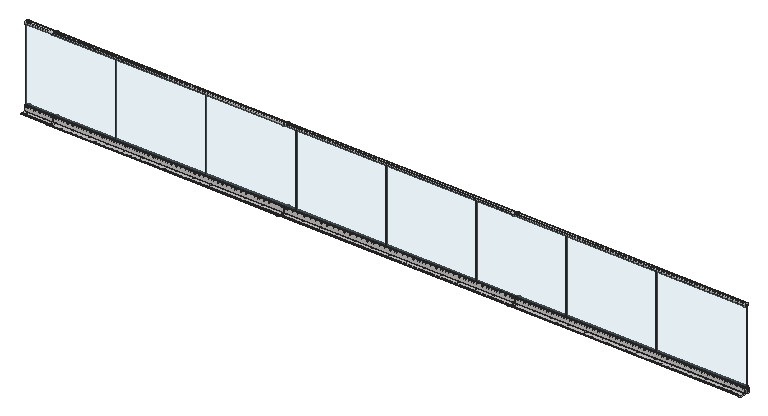
Revit family "34_LB_UNIQ_SB-O1", category Generic Models, Revit 2016
Family settings
  Part Type = Normal
  Can host rebar = No
  Round Connector Dimension = Use Diameter
  Work Plane-Based = No
  Cut with Voids When Loaded = No
  Shared = No
  Room Calculation Point = No
Parameters (values of type "UNIQ_SB-O1")
  verplatsing_passtuk [instance] = if(Passtuk_zichtbaar_omgekeerd, 0 mm, 100 mm)  # 0 mm
  Verstelbaar profiel = "Ja"
  Uitvoering = "RVS look (standaard) materiaal is geanodiseerd en geschik voor binnen en buitengebruik."
  URL = "https://uniq-balustrades.com/profielen/top-mounted-o/uniq-sb-o-1/"
  Profiel_zichtbaar_2 [instance] = [built-in parameter 1001306] > 7999 mm  # yes
  Profiel_zichtbaar_1 [instance] = and([built-in parameter 1001306] > 3999 mm, [built-in parameter 1001306] < 8000 mm)  # no
  Profiel_breedte_vast [instance] = 4000 mm  # constant formula
  Passtuk_zichtbaar_omgekeerd [instance] = not(Passtuk_zichtbaar)  # yes
  Passtuk_zichtbaar [instance] = or([built-in parameter 1001306] = 4000 mm, [built-in parameter 1001306] = 8000 mm, [built-in parameter 1001306] = 12000 mm, [built-in parameter 1001306] = 16000 mm, [built-in parameter 1001306] = 20000 mm, [built-in parameter 1001306] = 24000 mm, [built-in parameter 1001306] = 28000 mm, [built-in parameter 1001306] = 32000 mm, [built-in parameter 1001306] = 40000 mm)  # no
  Model = "UNIQ_SB-O1"
  Materiaal_ribber = Rubber
  Materiaal_profiel = Aluminium
  Materiaal_pakking = Pakking
  Materiaal_glas = Glass
  Materiaal_afdekker = Aluminium
  Manufacturer = "SB Railing"
  built-in parameter 1001306 [instance] = 12500 mm
  Krachten = "Geschikt voor maximaal 1 KN"
  IsExternal [instance] = no
  IfcExportAs = "IfcRailing"
  Hoogte_railing [instance] = 1400 mm
  Hoogte_glas [instance] = Hoogte_railing - 5 mm - 21.9 mm  # 1373.1 mm
  Glas_dikte = 21.5 mm
  Gasdiktes = "Geschikt voor 8/8 pvb, 10/10 pvb en 15."
  FireRating [instance] = "0"
  Dikte_glas = 21.5 mm
  Description = "UNIQ SB-O1 | VLOERMONTAGE"
  Cover_front_CF-320 = no
  Cover_front_CF-312 = no
  Cover_front_CF-303 = no
  Cover_front_CF-300 = yes
  Breedte_passtuk [instance] = if([built-in parameter 1001306] > 8000 mm, [built-in parameter 1001306] - (Aantal_profielen * Profiel_breedte_vast), [built-in parameter 1001306] - 4000 mm)  # 500 mm
  Breedte_glasplaten [instance] = ([built-in parameter 1001306] - ((Aantal_glasplaten - 1) * 10 mm)) / Aantal_glasplaten  # 1553.75 mm
  Bovenrailing = yes
  Ber_breedte_passtuk_4 [instance] = if([built-in parameter 1001306] > 4000 mm, Ber_breedte_passtuk_3 - 4 mm, Ber_breedte_passtuk_3)  # 496 mm
  Ber_breedte_passtuk_3 [instance] = if(Passtuk_zichtbaar_omgekeerd, Ber_breedte_passtuk_2, 100 mm)  # 500 mm
  Ber_breedte_passtuk_2 [instance] = if([built-in parameter 1001306] > 4000 mm, Breedte_passtuk, [built-in parameter 1001306])  # 500 mm
  Ber_breedte_passtuk_5 [instance] = if([built-in parameter 1001306] > 8000 mm, Ber_breedte_passtuk_3 - (Aantal_profielen * 4 mm), Ber_breedte_passtuk_4)  # 488 mm
  Assembly Code = "34.11"
  Aantal_profielen [instance] = if([built-in parameter 1001306] < 8000 mm, 2, ([built-in parameter 1001306] / 4000 mm) - 0.5)  # 3
  Aantal_glasplaten [instance] = 8
Reference planes
  plane 1 "Center (Front/Back)": y = 0
  plane 2: z = 0
  plane 3 "Left": x = 0
  plane 4 "Right": x = 12500
  plane 5: through (0, 2, 1219.2) normal (-0.7071, 0.7071, 0)
  plane 6: x = 488
  plane 7: x = 0
  plane 8: x = 4492
  plane 9: x = 492
  plane 10: x = 4496
  plane 11: z = 1400
  plane 12: z = 5
Lines and regions (mm)
  reference lines
    curve 1: line (0, 0, 0) -> (12500, 0, 0)
Dimensions and locks
  "built-in parameter 1001306": plane 3 "Left" to plane 4 "Right"
  plane 3 "Left" to plane 4 "Right" = 12500 mm
  "verplatsing_passtuk": plane 7 to plane 3 "Left"
  equal spacing: group 1, group 2, group 3  (x3)
  plane 6 to plane 8 = 4004 mm
  locked: plane 6 to plane 9 at 4
  locked: plane 8 to plane 10 at 4
  "Ber_breedte_passtuk_5": plane 7 to plane 6
  nested 6 to nested 6 = 10 mm
  "Hoogte_railing": plane 11 to level
  plane 12 to level = 5 mm  (x2)
  aligned and locked: plane 4 "Right" to curve 1
  aligned and locked: plane 1 "Center (Front/Back)" to curve 1
  aligned and locked: plane 3 "Left" to curve 1
  aligned and locked: level to plane 2
  aligned and locked: nested 1 to level
  aligned and locked: nested 2 to level
  aligned and locked: nested 3 to level
  aligned and locked: plane 7 to nested 2  (x2)
  aligned and locked: plane 1 "Center (Front/Back)" to nested 2
  aligned and locked: plane 1 "Center (Front/Back)" to nested 1
  aligned and locked: plane 1 "Center (Front/Back)" to nested 3
  aligned and locked: nested 4 to level
  aligned and locked: plane 9 to nested 3
  aligned and locked: plane 9 to nested 1
  aligned and locked: plane 10 to nested 4
  aligned and locked: nested 6 to plane 12
  aligned and locked: plane 3 "Left" to nested 5
Nested families
  nested 1: "UNIQ_SB-O1" at (492, 0, 0), Lengte <- "built-in parameter 1001306", Ber_Lengte <- "Profiel_breedte_vast", visible <- "Profiel_zichtbaar_1", Hoogte <- "Hoogte_railing", Bovenrailing <- "Bovenrailing", type "UNIQ_SB-A1_8.8.2"
    with Rubber Rubber, Pakking Rubber, Materiaal_profiel Aluminium, Materiaal_afdekker Aluminium, Lengte_schroef 3950 mm, Lengte 12500 mm, Hoogte 1400 mm, HOH_schroef 100 mm, HOH_boorgat_onder 600 mm, HOH_boorgat 300 mm, Bovenrailing yes, Ber_Lengte 4000 mm, Aantal_boorgat_onder 7, Aantal_boorgat 13, Aantal 40
  nested 2: "UNIQ_SB-O1" at (0, 0, 0), Lengte <- "built-in parameter 1001306", Ber_Lengte <- "Ber_breedte_passtuk_5", visible <- "Passtuk_zichtbaar_omgekeerd", Hoogte <- "Hoogte_railing", Bovenrailing <- "Bovenrailing", type "UNIQ_SB-A1_8.8.2"
    with Rubber Rubber, Pakking Rubber, Materiaal_profiel Aluminium, Materiaal_afdekker Aluminium, Lengte_schroef 438 mm, Lengte 12500 mm, Hoogte 1400 mm, HOH_schroef 100 mm, HOH_boorgat_onder 600 mm, HOH_boorgat 300 mm, Bovenrailing yes, Ber_Lengte 488 mm, Aantal_boorgat_onder 2, Aantal_boorgat 2, Aantal 4
  nested 3: "UNIQ_SB-O1" at (492, 0, 0), Lengte <- "built-in parameter 1001306", Ber_Lengte <- "Profiel_breedte_vast", visible <- "Profiel_zichtbaar_2", Hoogte <- "Hoogte_railing", Bovenrailing <- "Bovenrailing", Materiaal_afdekker <- "Materiaal_afdekker", Materiaal_profiel <- "Materiaal_profiel", Pakking <- "Materiaal_pakking", Rubber <- "Materiaal_ribber", type "UNIQ_SB-A1_8.8.2"
    with Rubber Rubber, Pakking Pakking, Materiaal_profiel Aluminium, Materiaal_afdekker Aluminium, Lengte_schroef 3950 mm, Lengte 12500 mm, Hoogte 1400 mm, HOH_schroef 100 mm, HOH_boorgat_onder 600 mm, HOH_boorgat 300 mm, Bovenrailing yes, Ber_Lengte 4000 mm, Aantal_boorgat_onder 7, Aantal_boorgat 13, Aantal 40
  nested 4: "UNIQ_SB-O1" at (4496, 0, 0), Lengte <- "built-in parameter 1001306", Ber_Lengte <- "Profiel_breedte_vast", visible <- "Profiel_zichtbaar_2", Hoogte <- "Hoogte_railing", Bovenrailing <- "Bovenrailing", Materiaal_afdekker <- "Materiaal_afdekker", Materiaal_profiel <- "Materiaal_profiel", Pakking <- "Materiaal_pakking", Rubber <- "Materiaal_ribber", type "UNIQ_SB-A1_8.8.2"
    with Rubber Rubber, Pakking Pakking, Materiaal_profiel Aluminium, Materiaal_afdekker Aluminium, Lengte_schroef 3950 mm, Lengte 12500 mm, Hoogte 1400 mm, HOH_schroef 100 mm, HOH_boorgat_onder 600 mm, HOH_boorgat 300 mm, Bovenrailing yes, Ber_Lengte 4000 mm, Aantal_boorgat_onder 7, Aantal_boorgat 13, Aantal 40
  nested 5: "34_glasplaat_tbv_railing_V2" at (0, 109.25, 5), Dikte_glas <- "Dikte_glas", Hoogte_glas <- "Hoogte_glas", Aantal_glasplaten <- "Aantal_glasplaten", Ber_lengte <- "built-in parameter 1001306", type "34_glasplaat_tbv_railing_V2"
    with Lengte 12510 mm, Hoogte_glas 1373.1 mm, Dikte_glas 21.5 mm, Breedte_glasplaat 1563.75 mm, Ber_lengte 12500 mm, Aantal_glasplaten 8
  nested 6: "34_glasplaat" at (10936.25, 109.25, 5), type "34_glasplaat"
    with Lengte 1563.75 mm, Hoogte 1373.1 mm, Glas_dikte 21.5 mm, Glas_breedte 1553.75 mm, Glas Glass
  nested 7: "34_glasplaat" at (-10, 109.25, 5), type "34_glasplaat"
    with Lengte 1563.75 mm, Hoogte 1373.1 mm, Glas_dikte 21.5 mm, Glas_breedte 1553.75 mm, Glas Glass
  nested 8: "34_glasplaat" at (9372.5, 109.25, 5), type "34_glasplaat"
    with Lengte 1563.75 mm, Hoogte 1373.1 mm, Glas_dikte 21.5 mm, Glas_breedte 1553.75 mm, Glas Glass
  nested 9: "34_glasplaat" at (7808.75, 109.25, 5), type "34_glasplaat"
    with Lengte 1563.75 mm, Hoogte 1373.1 mm, Glas_dikte 21.5 mm, Glas_breedte 1553.75 mm, Glas Glass
  nested 10: "34_glasplaat" at (6245, 109.25, 5), type "34_glasplaat"
    with Lengte 1563.75 mm, Hoogte 1373.1 mm, Glas_dikte 21.5 mm, Glas_breedte 1553.75 mm, Glas Glass
  nested 11: "34_glasplaat" at (4681.25, 109.25, 5), type "34_glasplaat"
    with Lengte 1563.75 mm, Hoogte 1373.1 mm, Glas_dikte 21.5 mm, Glas_breedte 1553.75 mm, Glas Glass
  nested 12: "34_glasplaat" at (3117.5, 109.25, 5), type "34_glasplaat"
    with Lengte 1563.75 mm, Hoogte 1373.1 mm, Glas_dikte 21.5 mm, Glas_breedte 1553.75 mm, Glas Glass
  nested 13: "34_glasplaat" at (1553.75, 109.25, 5), type "34_glasplaat"
    with Lengte 1563.75 mm, Hoogte 1373.1 mm, Glas_dikte 21.5 mm, Glas_breedte 1553.75 mm, Glas Glass
  nested 14: "UNIQ_SB-O1" at (8500, 0, 0), Lengte <- "built-in parameter 1001306", Ber_Lengte <- "Profiel_breedte_vast", visible <- "Profiel_zichtbaar_2", Hoogte <- "Hoogte_railing", Bovenrailing <- "Bovenrailing", Materiaal_afdekker <- "Materiaal_afdekker", Materiaal_profiel <- "Materiaal_profiel", Pakking <- "Materiaal_pakking", Rubber <- "Materiaal_ribber", type "UNIQ_SB-A1_8.8.2"
    with Rubber Rubber, Pakking Pakking, Materiaal_profiel Aluminium, Materiaal_afdekker Aluminium, Lengte_schroef 3950 mm, Lengte 12500 mm, Hoogte 1400 mm, HOH_schroef 100 mm, HOH_boorgat_onder 600 mm, HOH_boorgat 300 mm, Bovenrailing yes, Ber_Lengte 4000 mm, Aantal_boorgat_onder 7, Aantal_boorgat 13, Aantal 40
Definition of nested family "UNIQ_SB-O1"
  Parameters (values of type "UNIQ_SB-A1_8.8.2")
    Rubber [instance] = none
    Pakking [instance] = none
    Materiaal_profiel [instance] = none
    Materiaal_afdekker [instance] = none
    Lengte_schroef [instance] = Ber_Lengte - 50 mm  # 1200 mm
    Lengte [instance] = 1250 mm
    Hoogte [instance] = 1200 mm
    HOH_schroef [instance] = if(Ber_Lengte > 200 mm, 100 mm, 20 mm)  # 100 mm
    HOH_boorgat_onder [instance] = 600 mm
    HOH_boorgat [instance] = 300 mm
    Cover_front_CF-320 = no
    Cover_front_CF-312 = no
    Cover_front_CF-303 = no
    Cover_front_CF-300 = yes
    Bovenrailing [instance] = yes
    Ber_Lengte [instance] = 1250 mm
    Aantal_boorgat_onder [instance] = if(Ber_Lengte > 900 mm, Ber_Lengte / HOH_boorgat_onder, 2)  # 2
    Aantal_boorgat [instance] = if(Ber_Lengte > 450 mm, Ber_Lengte / HOH_boorgat, 2)  # 4
    Aantal [instance] = Lengte_schroef / HOH_schroef  # 12
  Reference planes
    plane 1 "Center (Front/Back)": y = 0
    plane 2: z = 0
    plane 3 "Center (Left/Right)": x = 0
    plane 4: x = 1250
    plane 5: x = 50
    plane 6: x = 200
    plane 7: x = 1254
    plane 8: z = 1200
    plane 9: z = 1181.136
  Forms (mm)
    Sweep 1, solid, material <- "Materiaal_profiel"
      path origin (0, -19, 0) x (1, 0, 0) y (0, 1, 0)
        loop
          line (0, 0) -> (1250, 0)
      profile "Profiel_SB-O1 : Profiel_SB-A2" origin (625, -19, 0) x (0, 1, 0) y (0, 0, 1)
        loop
          arc (18, 0) -> (18.707, -0.293) -> (19, -1) r 1
          line (19, -1) -> (19, -15.5)
          arc (19, -15.5) -> (19.146, -15.854) -> (19.5, -16) r 0.5
          line (19.5, -16) -> (159, -16)
          arc (159, -16) -> (159.707, -15.707) -> (160, -15) r 1
          line (160, -15) -> (160, 67.624) -> (150.879, 92.684)
          arc (150.879, 92.684) -> (150.147, 93.638) -> (149, 94) r 2
          line (149, 94) -> (147.5, 94) -> (147.5, 91) -> (146.1, 91) -> (146.1, 94) -> (142.6, 94) -> (142.6, 83) -> (140, 83) -> (140, 4) -> (126.353, 4) -> (110.916, 4) -> (99, 49.005) -> (99, 83) -> (97.4, 83) -> (97.4, 94) -> (95.9, 94) -> (95.9, 91) -> (94.5, 91) -> (94.5, 94) -> (93, 94) -> (93, 5)
          arc (93, 5) -> (92.707, 4.293) -> (92, 4) r 1
          line (92, 4) -> (77.393, 4) -> (3.075, 4) -> (-5.457, 4) -> (-6.93, 1.448)
          arc (-6.93, 1.448) -> (-6.98, 1.069) -> (-6.747, 0.765) r 0.5
          line (-6.747, 0.765) -> (-5.716, 0) -> (18, 0)
    Sweep 2, solid, material <- "Pakking"
      path origin (0, -639, 0) x (1, 0, 0) y (0, 1, 0)
        loop
          line (0, 620) -> (1250, 620)
      profile "Rubber_onder_SB-O1 : Rubber_onder" origin (625, -19, 0) x (0, 1, 0) y (0, 0, 1)
        loop
          line (140, 5) -> (115.48, 5) -> (115.48, 4) -> (140, 4) -> (140, 5)
    Sweep 3, solid, material <- "Pakking"
      path origin (0, -899, 0) x (1, 0, 0) y (0, 1, 0)
        loop
          line (0, 880) -> (1250, 880)
      profile "Rubber_voor_SB-O1 : Rubber_voor" origin (625, -19, 0) x (0, 1, 0) y (0, 0, 1)
        loop
          line (140, 94) -> (139, 94) -> (139, 5) -> (140, 5) -> (140, 94)
    Sweep 4, solid
      path origin (0, -1119, 0) x (1, 0, 0) y (0, 1, 0)
        loop
          line (0, 1100) -> (1250, 1100)
      profile "Stelprofiel_01_SB-O1 : Stelprofiel_01" origin (625, -19, 0) x (0, 1, 0) y (0, 0, 1)
        loop
          line (114.98, 80.363) -> (108.98, 80.363)
          arc (108.98, 80.363) -> (108.626, 80.216) -> (108.48, 79.863) r 0.5
          line (108.48, 79.863) -> (108.48, 77.863)
          arc (108.48, 77.863) -> (108.334, 77.509) -> (107.98, 77.363) r 0.5
          line (107.98, 77.363) -> (106.48, 77.363)
          arc (106.48, 77.363) -> (106.126, 77.216) -> (105.98, 76.863) r 0.5
          line (105.98, 76.863) -> (105.98, 61.863)
          arc (105.98, 61.863) -> (106.126, 61.509) -> (106.48, 61.363) r 0.5
          line (106.48, 61.363) -> (108.48, 61.363) -> (108.48, 59.363) -> (110.481, 20.34) -> (110.481, 18.363)
          arc (110.481, 18.363) -> (110.335, 18.009) -> (109.981, 17.863) r 0.5
          line (109.981, 17.863) -> (107.223, 17.863) -> (109.233, 10.363) -> (114.98, 10.363)
          arc (114.98, 10.363) -> (115.334, 10.509) -> (115.48, 10.863) r 0.5
          line (115.48, 10.863) -> (115.48, 79.863)
          arc (115.48, 79.863) -> (115.334, 80.216) -> (114.98, 80.363) r 0.5
    Sweep 5, solid, material <- "Materiaal_afdekker"
      path origin (0, -2079, 0) x (1, 0, 0) y (0, 1, 0)
        loop
          line (0, 2060) -> (1250, 2060)
      profile "Afdekker_achter_01_SB-O1 : Afdekker_achter_01" origin (625, -19, 0) x (0, 1, 0) y (0, 0, 1)
        loop
          line (93, 95.3) -> (93, 94) -> (94.5, 94) -> (94.5, 91) -> (95.9, 91) -> (95.9, 94) -> (97.4, 94) -> (97.4, 83) -> (99, 83) -> (99, 94.2) -> (104.9, 94.2) -> (104.9, 87.1) -> (114.011, 87.1) -> (114.011, 88.2) -> (106, 88.2) -> (106, 94.2) -> (114.011, 94.2) -> (114.011, 95.3) -> (93, 95.3)
    Sweep 6, solid, material <- "Rubber"
      path origin (0, -1359, 0) x (1, 0, 0) y (0, 1, 0)
        loop
          line (0, 1340) -> (1250, 1340)
      profile "Afdekker_achter_02_SB-O1 : Afdekker_achter_02" origin (625, -19, 0) x (0, 1, 0) y (0, 0, 1)
        loop
          line (114.552, 89.097) -> (117.48, 97.73) -> (117.48, 98.73) -> (116.619, 98.73) -> (114.96, 94.2) -> (107.91, 94.2) -> (106, 92.966) -> (106, 89.434) -> (107.91, 88.2) -> (114.55, 88.2) -> (114.552, 89.097)
    Sweep 7, solid, not visible
      path origin (-1900, -1400, 0) x (1, 0, 0) y (0, 1, 0)
        loop
          line (621, 1400) -> (629, 1400)
      profile "Stelprofiel_02 : Stelprofiel_02" origin (-1275, 0, 0) x (0, 1, 0) y (0, 0, 1)
        loop
          line (9, 166.532) -> (13.74, 166.532) -> (13.74, 174.532) -> (9, 174.532) -> (9, 166.532)
    Sweep 8, solid, not visible
      path origin (-1900, -1680, 0) x (1, 0, 0) y (0, 1, 0)
        loop
          line (617.493, 1680) -> (632.507, 1680)
      profile "Stelprofiel_03 : Stelprofiel_03" origin (-1275, 0, 0) x (0, 1, 0) y (0, 0, 1)
        loop
          line (9, 163.024) -> (9, 178.039) -> (6.758, 178.039) -> (6, 176.096) -> (6, 164.966) -> (6.757, 163.024) -> (9, 163.024)
    Extrusion 9, void, not visible
      sketch origin (-1279, 13.74, 174.532) x (-1, 0, 0) y (0, 0, -1)
        loop
          line (-9, 9) -> (-9, -1) -> (1, -1) -> (1, 9) -> (-9, 9)
        loop
          circle (-4, 4) r 4
      from -7.62 to 4.74
    Extrusion 10, void, not visible
      sketch origin (-1279, 13.74, 174.532) x (-1, 0, 0) y (0, 0, -1)
        loop
          line (-12.507, -4.507) -> (4.507, -4.507) -> (4.507, 12.507) -> (-12.507, 12.507) -> (-12.507, -4.507)
        loop
          line (-6.507, 11.507) -> (-11.507, 6.507) -> (-11.507, 1.493) -> (-6.507, -3.507) -> (-1.493, -3.507) -> (3.507, 1.493) -> (3.507, 6.507) -> (-1.493, 11.507) -> (-6.507, 11.507)
      from 4.74 to 9.74
    Sweep 11, solid, not visible
      path origin (-1900, -1400, 0) x (1, 0, 0) y (0, 1, 0)
        loop
          line (621, 1400) -> (629, 1400)
      profile "Stelprofiel_02 : Stelprofiel_02" origin (-1275, 0, 0) x (0, 1, 0) y (0, 0, 1)
        loop
          line (9, 166.532) -> (13.74, 166.532) -> (13.74, 174.532) -> (9, 174.532) -> (9, 166.532)
    Sweep 12, solid, not visible
      path origin (-1900, -1680, 0) x (1, 0, 0) y (0, 1, 0)
        loop
          line (617.493, 1680) -> (632.507, 1680)
      profile "Stelprofiel_03 : Stelprofiel_03" origin (-1275, 0, 0) x (0, 1, 0) y (0, 0, 1)
        loop
          line (9, 163.024) -> (9, 178.039) -> (6.758, 178.039) -> (6, 176.096) -> (6, 164.966) -> (6.757, 163.024) -> (9, 163.024)
    Extrusion 13, void, not visible
      sketch origin (-1279, 13.74, 174.532) x (-1, 0, 0) y (0, 0, -1)
        loop
          line (-9, 9) -> (-9, -1) -> (1, -1) -> (1, 9) -> (-9, 9)
        loop
          circle (-4, 4) r 4
      from -7.62 to 4.74
    Extrusion 14, void, not visible
      sketch origin (-1279, 13.74, 174.532) x (-1, 0, 0) y (0, 0, -1)
        loop
          line (-12.507, -4.507) -> (4.507, -4.507) -> (4.507, 12.507) -> (-12.507, 12.507) -> (-12.507, -4.507)
        loop
          line (-6.507, 11.507) -> (-11.507, 6.507) -> (-11.507, 1.493) -> (-6.507, -3.507) -> (-1.493, -3.507) -> (3.507, 1.493) -> (3.507, 6.507) -> (-1.493, 11.507) -> (-6.507, 11.507)
      from 4.74 to 9.74
    Extrusion 15, void
      sketch origin (162.168, -28.5, 0.992) x (1, 0, 0) y (0, 1, 0)
        loop
          arc (-117.168, 92.5) -> (-123.168, 86.5) -> (-117.168, 80.5) r 6
          line (-117.168, 80.5) -> (-107.168, 80.5)
          arc (-107.168, 80.5) -> (-101.168, 86.5) -> (-107.168, 92.5) r 6
          line (-107.168, 92.5) -> (-117.168, 92.5)
      from -16.992 to 3.008
    Extrusion 16, void, not visible
      sketch origin (210, -9.5, 0.992) x (1, 0, 0) y (0, 1, 0)
        loop
          arc (-117.168, 92.5) -> (-123.168, 86.5) -> (-117.168, 80.5) r 6
          line (-117.168, 80.5) -> (-107.168, 80.5)
          arc (-107.168, 80.5) -> (-101.168, 86.5) -> (-107.168, 92.5) r 6
          line (-107.168, 92.5) -> (-117.168, 92.5)
      from -16.992 to 3.008
    Extrusion 17, void
      sketch origin (462.168, -28.5, 0.992) x (1, 0, 0) y (0, 1, 0)
        loop
          arc (-117.168, 92.5) -> (-123.168, 86.5) -> (-117.168, 80.5) r 6
          line (-117.168, 80.5) -> (-107.168, 80.5)
          arc (-107.168, 80.5) -> (-101.168, 86.5) -> (-107.168, 92.5) r 6
          line (-107.168, 92.5) -> (-117.168, 92.5)
      from -16.992 to 3.008
    Extrusion 18, void
      sketch origin (274.606, -27.256, 25) x (0, -1, 0) y (1, 0, 0)
        loop
          line (-9.257, -80.606) -> (-9.257, -68.606)
          arc (-9.257, -68.606) -> (-11.014, -64.363) -> (-15.257, -62.606) r 6
          arc (-15.257, -62.606) -> (-19.499, -64.363) -> (-21.257, -68.606) r 6
          line (-21.257, -68.606) -> (-21.257, -80.606)
          arc (-21.257, -80.606) -> (-19.499, -84.848) -> (-15.257, -86.606) r 6
          arc (-15.257, -86.606) -> (-11.014, -84.848) -> (-9.257, -80.606) r 6
      from -25 to -19
    Extrusion 19, void, not visible
      sketch origin (274.606, -8.256, 25) x (0, -1, 0) y (1, 0, 0)
        loop
          line (-9.257, -80.606) -> (-9.257, -68.606)
          arc (-9.257, -68.606) -> (-11.014, -64.363) -> (-15.257, -62.606) r 6
          arc (-15.257, -62.606) -> (-19.499, -64.363) -> (-21.257, -68.606) r 6
          line (-21.257, -68.606) -> (-21.257, -80.606)
          arc (-21.257, -80.606) -> (-19.499, -84.848) -> (-15.257, -86.606) r 6
          arc (-15.257, -86.606) -> (-11.014, -84.848) -> (-9.257, -80.606) r 6
      from -25 to -19
    Extrusion 20, void
      sketch origin (874.606, -27.256, 25) x (0, -1, 0) y (1, 0, 0)
        loop
          line (-9.257, -80.606) -> (-9.257, -68.606)
          arc (-9.257, -68.606) -> (-11.014, -64.363) -> (-15.257, -62.606) r 6
          arc (-15.257, -62.606) -> (-19.499, -64.363) -> (-21.257, -68.606) r 6
          line (-21.257, -68.606) -> (-21.257, -80.606)
          arc (-21.257, -80.606) -> (-19.499, -84.848) -> (-15.257, -86.606) r 6
          arc (-15.257, -86.606) -> (-11.014, -84.848) -> (-9.257, -80.606) r 6
      from -25 to -19
    Extrusion 21, void
      sketch origin (762.168, -28.5, 0.992) x (1, 0, 0) y (0, 1, 0)
        loop
          arc (-117.168, 92.5) -> (-123.168, 86.5) -> (-117.168, 80.5) r 6
          line (-117.168, 80.5) -> (-107.168, 80.5)
          arc (-107.168, 80.5) -> (-101.168, 86.5) -> (-107.168, 92.5) r 6
          line (-107.168, 92.5) -> (-117.168, 92.5)
      from -16.992 to 3.008
    Extrusion 22, void
      sketch origin (1062.168, -28.5, 0.992) x (1, 0, 0) y (0, 1, 0)
        loop
          arc (-117.168, 92.5) -> (-123.168, 86.5) -> (-117.168, 80.5) r 6
          line (-117.168, 80.5) -> (-107.168, 80.5)
          arc (-107.168, 80.5) -> (-101.168, 86.5) -> (-107.168, 92.5) r 6
          line (-107.168, 92.5) -> (-117.168, 92.5)
      from -16.992 to 3.008
    Extrusion 23, solid, material <- "Materiaal_afdekker", visible <- "Bovenrailing"
      sketch origin (0, 120.64, 0) x (0, 1, 0) y (0, 0, 1)
        loop
          arc (7.385, 1146.268) -> (6.222, 1146.137) -> (5.6, 1147.128) r 1.1
          line (5.6, 1147.128) -> (5.6, 1181.136) -> (-28.4, 1181.136) -> (-28.4, 1147.128)
          arc (-28.4, 1147.128) -> (-29.022, 1146.137) -> (-30.185, 1146.268) r 1.1
          arc (-30.185, 1146.268) -> (-11.4, 1200) -> (7.385, 1146.268) r 30.15
        loop
          line (7.1, 1147.974) -> (7.1, 1182.636) -> (-29.9, 1182.636) -> (-29.9, 1147.974)
          arc (-29.9, 1147.974) -> (-11.4, 1198.5) -> (7.1, 1147.974) r 28.65
      from 0 to 1250
    Extrusion 24, solid, material <- "Rubber", visible <- "Bovenrailing"
      sketch origin (0, 120.64, -4.375) x (0, 1, 0) y (0, 0, 1)
        loop
          line (-22.16, 1182.511) -> (-0.64, 1182.511) -> (-0.64, 1145.263) -> (5.6, 1151.503) -> (5.6, 1184.011)
          arc (5.6, 1184.011) -> (5.161, 1185.072) -> (4.1, 1185.511) r 1.5
          line (4.1, 1185.511) -> (0.6, 1185.511) -> (-0.461, 1184.451) -> (-22.339, 1184.451) -> (-23.4, 1185.511) -> (-26.9, 1185.511)
          arc (-26.9, 1185.511) -> (-27.961, 1185.072) -> (-28.4, 1184.011) r 1.5
          line (-28.4, 1184.011) -> (-28.4, 1151.503) -> (-22.16, 1145.263) -> (-22.16, 1182.511)
        loop
          line (-22.748, 1183.652) -> (-24.107, 1185.011) -> (-25.66, 1185.011)
          arc (-25.66, 1185.011) -> (-26.484, 1184.578) -> (-26.593, 1183.652) r 1
          line (-26.593, 1183.652) -> (-22.748, 1183.652)
        loop
          arc (3.793, 1183.652) -> (3.684, 1184.578) -> (2.86, 1185.011) r 1
          line (2.86, 1185.011) -> (1.307, 1185.011) -> (-0.052, 1183.652) -> (3.793, 1183.652)
      from 0 to 1250
    Sweep 25, solid, material <- "Pakking"
      path origin (0, -899, 0) x (1, 0, 0) y (0, 1, 0)
        loop
          line (0, 880) -> (1250, 880)
      profile "Rubber_achter_SB-O1 : Rubber_voor" origin (625, -19, 0) x (0, 1, 0) y (0, 0, 1)
        loop
          line (117.48, 85) -> (115.48, 85) -> (115.48, 5) -> (117.48, 5) -> (117.48, 85)
  Cuts and joins
    Extrusion 15, Extrusion 17, Extrusion 18, Extrusion 20, Extrusion 21, Extrusion 22 cuts Sweep 1
  Lines and regions (mm)
    model lines, not visible
      curve 1: circle (-1275, 13.74, 170.532) r 4 normal (0, 1, 0)
      curve 2: circle (-1275, 13.74, 170.532) r 4 normal (0, 1, 0)
      curve 3: line (-1275, 9, 0) -> (-1275, 13.74, 0)
  Dimensions and locks
    "Ber_Lengte": plane 3 "Center (Left/Right)" to plane 4
    "Lengte_schroef": plane 5 to plane 4
    equal spacing: group 3, group 5, group 14, group 15  (x3)
    group 6 to group 8 = 600 mm
    group 6 to group 8 = 0 mm  (x2)
    plane 6 to plane 3 "Center (Left/Right)" = 200 mm  (x2)
    plane 5 to plane 3 "Center (Left/Right)" = 50 mm  (x2)
    equal spacing: group 9, group 10, group 11, group 12, group 13, group 16, group 17, group 18, group 19, group 20, group 21, group 22  (x3)
    plane 3 "Center (Left/Right)" to plane 4 = 1250 mm
    locked: plane 4 to plane 7 at 4
    "Hoogte": plane 8 to level
    locked: plane 8 to plane 9 at 18.864
    aligned and locked: level to plane 2
    aligned and locked: plane 4 to Sweep 1 sketch curve
    aligned and locked: plane 3 "Center (Left/Right)" to Sweep 1 sketch curve
    aligned and locked: plane 4 to Sweep 2 sketch curve
    aligned and locked: plane 3 "Center (Left/Right)" to Sweep 2 sketch curve
    aligned and locked: plane 3 "Center (Left/Right)" to Sweep 3 sketch curve
    aligned and locked: plane 4 to Sweep 3 sketch curve
    aligned and locked: plane 3 "Center (Left/Right)" to Sweep 4 sketch curve
    aligned and locked: plane 4 to Sweep 4 sketch curve
    aligned and locked: plane 3 "Center (Left/Right)" to Sweep 5 sketch curve
    aligned and locked: plane 4 to Sweep 5 sketch curve
    aligned and locked: plane 3 "Center (Left/Right)" to Sweep 6 sketch curve
    aligned and locked: plane 4 to Sweep 6 sketch curve
    aligned and locked: plane 5 to nested 1
    aligned and locked: plane 3 "Center (Left/Right)" to nested 13
    aligned and locked: plane 1 "Center (Front/Back)" to nested 13
    aligned and locked: plane 3 "Center (Left/Right)" to nested 14
    aligned and locked: plane 1 "Center (Front/Back)" to nested 14
    aligned and locked: plane 3 "Center (Left/Right)" to nested 15
    aligned and locked: plane 1 "Center (Front/Back)" to nested 15
    aligned and locked: plane 1 "Center (Front/Back)" to nested 16
    aligned and locked: plane 4 to Extrusion 23
    aligned and locked: plane 4 to Extrusion 24
    aligned and locked: plane 4 to Sweep 25 sketch curve
    aligned and locked: plane 3 "Center (Left/Right)" to Sweep 25 sketch curve
  Automatic sketch dimensions
    Sweep 8 sketch curve to Sweep 8 sketch curve = 15.015 mm
    Sweep 7 to Extrusion 9 sketch curve = 1 mm  (x2)
    Extrusion 9 sketch curve to Sweep 7 = 4 mm
    Extrusion 9 sketch curve to Sweep 7 = 1 mm  (x2)
    Sweep 7 to Extrusion 9 sketch curve = 4 mm
    Sweep 7 to Extrusion 10 sketch curve = 4.507 mm  (x2)
    Sweep 7 to Extrusion 10 sketch curve = 1.493 mm  (x4)
    Sweep 7 to Extrusion 10 sketch curve = 3.507 mm  (x2)
    Extrusion 10 sketch curve to Sweep 7 = 1.493 mm  (x4)
    Extrusion 10 sketch curve to Sweep 7 = 3.507 mm  (x2)
    Extrusion 10 sketch curve to Sweep 7 = 4.507 mm  (x2)
    Sweep 7 sketch curve to Sweep 7 sketch curve = 8 mm
    Sweep 12 sketch curve to Sweep 12 sketch curve = 15.015 mm
    Sweep 11 to Extrusion 13 sketch curve = 1 mm  (x2)
    Extrusion 13 sketch curve to Sweep 11 = 4 mm
    Extrusion 13 sketch curve to Sweep 11 = 1 mm  (x2)
    Sweep 11 to Extrusion 13 sketch curve = 4 mm
    Sweep 11 to Extrusion 14 sketch curve = 4.507 mm  (x2)
    Sweep 11 to Extrusion 14 sketch curve = 1.493 mm  (x4)
    Sweep 11 to Extrusion 14 sketch curve = 3.507 mm  (x2)
    Extrusion 14 sketch curve to Sweep 11 = 1.493 mm  (x4)
    Extrusion 14 sketch curve to Sweep 11 = 3.507 mm  (x2)
    Extrusion 14 sketch curve to Sweep 11 = 4.507 mm  (x2)
    Sweep 11 sketch curve to Sweep 11 sketch curve = 8 mm
    curve 3 to curve 3 = 4.74 mm
    Extrusion 20 sketch curve to Extrusion 20 sketch curve = 0 mm  (x4)
    Extrusion 20 sketch curve to Extrusion 20 sketch curve = 6 mm
    Extrusion 20 sketch curve to Extrusion 20 sketch curve = 12 mm
    Extrusion 18 sketch curve to Extrusion 18 sketch curve = 0 mm  (x4)
    Extrusion 18 sketch curve to Extrusion 18 sketch curve = 6 mm
    Extrusion 18 sketch curve to Extrusion 18 sketch curve = 12 mm
    Extrusion 19 sketch curve to Extrusion 19 sketch curve = 0 mm  (x4)
    Extrusion 19 sketch curve to Extrusion 19 sketch curve = 6 mm
    Extrusion 19 sketch curve to Extrusion 19 sketch curve = 12 mm
    Extrusion 15 sketch curve to Extrusion 15 sketch curve = 10 mm
    Extrusion 15 sketch curve to Extrusion 15 sketch curve = 6 mm
    Extrusion 16 sketch curve to Extrusion 16 sketch curve = 10 mm
    Extrusion 16 sketch curve to Extrusion 16 sketch curve = 6 mm
    Extrusion 17 sketch curve to Extrusion 17 sketch curve = 10 mm
    Extrusion 17 sketch curve to Extrusion 17 sketch curve = 6 mm
    Extrusion 21 sketch curve to Extrusion 21 sketch curve = 10 mm
    Extrusion 21 sketch curve to Extrusion 21 sketch curve = 6 mm
    Extrusion 22 sketch curve to Extrusion 22 sketch curve = 10 mm
    Extrusion 22 sketch curve to Extrusion 22 sketch curve = 6 mm
    plane 1 "Center (Front/Back)" to Sweep 1 sketch curve = 19 mm
    plane 1 "Center (Front/Back)" to Sweep 2 sketch curve = 19 mm
    plane 1 "Center (Front/Back)" to Sweep 3 sketch curve = 19 mm
    plane 1 "Center (Front/Back)" to Sweep 4 sketch curve = 19 mm
    plane 1 "Center (Front/Back)" to Sweep 5 sketch curve = 19 mm
    plane 1 "Center (Front/Back)" to Sweep 6 sketch curve = 19 mm
    Extrusion 24 sketch curve to plane 9 = 0 mm  (x2)
    Extrusion 24 sketch curve to plane 9 = 34.008 mm
    Extrusion 24 sketch curve to plane 1 "Center (Front/Back)" = 92.24 mm
    Extrusion 24 sketch curve to Extrusion 24 sketch curve = 1.5 mm
    Extrusion 24 sketch curve to Extrusion 24 sketch curve = 0.307 mm  (x2)
    Extrusion 24 sketch curve to Extrusion 24 sketch curve = 0.933 mm  (x2)
    Extrusion 24 sketch curve to Extrusion 24 sketch curve = 3.5 mm
    Extrusion 24 sketch curve to plane 9 = 0.5 mm  (x2)
    Extrusion 24 sketch curve to Extrusion 24 sketch curve = 1.553 mm  (x2)
    Extrusion 24 sketch curve to Extrusion 24 sketch curve = 0.707 mm  (x2)
    Extrusion 24 sketch curve to Extrusion 24 sketch curve = 0.588 mm
    Extrusion 24 sketch curve to plane 9 = 1.061 mm
    Extrusion 24 sketch curve to Extrusion 24 sketch curve = 0.409 mm  (x2)
    Extrusion 24 sketch curve to Extrusion 24 sketch curve = 21.879 mm
    Extrusion 24 sketch curve to Extrusion 24 sketch curve = 1.061 mm
    Extrusion 24 sketch curve to plane 9 = 40.248 mm
    Extrusion 24 sketch curve to Extrusion 24 sketch curve = 21.52 mm
    Extrusion 24 sketch curve to plane 9 = 1.5 mm
    Extrusion 24 sketch curve to Extrusion 24 sketch curve = 6.24 mm  (x2)
    Extrusion 24 sketch curve to Extrusion 24 sketch curve = 2.5 mm
    Extrusion 24 sketch curve to Extrusion 24 sketch curve = 0.798 mm  (x2)
    plane 1 "Center (Front/Back)" to Sweep 25 sketch curve = 19 mm
    Extrusion 23 sketch curve to Extrusion 23 sketch curve = 0 mm  (x3)
    Extrusion 23 sketch curve to plane 9 = 0 mm
    plane 9 to Extrusion 23 sketch curve = 1.5 mm
    Extrusion 23 sketch curve to plane 1 "Center (Front/Back)" = 90.74 mm
    Extrusion 23 sketch curve to Extrusion 23 sketch curve = 0.4 mm
    Extrusion 23 sketch curve to Extrusion 23 sketch curve = 1.5 mm  (x2)
    Extrusion 23 sketch curve to plane 9 = 11.286 mm
    Extrusion 23 sketch curve to Extrusion 23 sketch curve = 17 mm  (x2)
    Extrusion 23 sketch curve to Extrusion 23 sketch curve = 1.1 mm
    Extrusion 23 sketch curve to Extrusion 23 sketch curve = 21.876 mm
    Extrusion 23 sketch curve to Extrusion 23 sketch curve = 0.846 mm  (x2)
    radius of Extrusion 9 sketch curve = 4 mm
    radius of Extrusion 13 sketch curve = 4 mm
  Nested families
    nested 1: "06_Stelprofiel_04_SCHROEF_SB-O1" at (42.5, 0, 0), type "06_Stelprofiel_04_SCHROEF"
    nested 2: "06_Stelprofiel_04_SCHROEF_SB-O1" at (142.5, 0, 0), type "06_Stelprofiel_04_SCHROEF"
    nested 3: "06_Stelprofiel_04_SCHROEF_SB-O1" at (242.5, 0, 0), type "06_Stelprofiel_04_SCHROEF"
    nested 4: "06_Stelprofiel_04_SCHROEF_SB-O1" at (342.5, 0, 0), type "06_Stelprofiel_04_SCHROEF"
    nested 5: "06_Stelprofiel_04_SCHROEF_SB-O1" at (442.5, 0, 0), type "06_Stelprofiel_04_SCHROEF"
    nested 6: "06_Stelprofiel_04_SCHROEF_SB-O1" at (542.5, 0, 0), type "06_Stelprofiel_04_SCHROEF"
    nested 7: "06_Stelprofiel_04_SCHROEF_SB-O1" at (642.5, 0, 0), type "06_Stelprofiel_04_SCHROEF"
    nested 8: "06_Stelprofiel_04_SCHROEF_SB-O1" at (742.5, 0, 0), type "06_Stelprofiel_04_SCHROEF"
    nested 9: "06_Stelprofiel_04_SCHROEF_SB-O1" at (842.5, 0, 0), type "06_Stelprofiel_04_SCHROEF"
    nested 10: "06_Stelprofiel_04_SCHROEF_SB-O1" at (942.5, 0, 0), type "06_Stelprofiel_04_SCHROEF"
    nested 11: "06_Stelprofiel_04_SCHROEF_SB-O1" at (1042.5, 0, 0), type "06_Stelprofiel_04_SCHROEF"
    nested 12: "06_Stelprofiel_04_SCHROEF_SB-O1" at (1142.5, 0, 0), type "06_Stelprofiel_04_SCHROEF"
    nested 13: "Cover_front_CF-303_SB-O1" at (0, 0, 0), Lengte <- "Ber_Lengte", visible <- "Cover_front_CF-303", Materiaal <- "Materiaal_afdekker", type "std"
      with Materiaal none, Lengte 1250 mm
    nested 14: "Cover_front_CF-312_SB-O1" at (0, 0, 0), Lengte <- "Ber_Lengte", visible <- "Cover_front_CF-312", Materiaal <- "Materiaal_afdekker", type "std"
      with Materiaal none, Lengte 1250 mm
    nested 15: "Cover_front_CF-320_SB-O1" at (0, 0, 0), Lengte <- "Ber_Lengte", visible <- "Cover_front_CF-320", Materiaal <- "Materiaal_afdekker", type "std"
      with Materiaal none, Lengte 1250 mm
    nested 16: "Cover_front_CF-300_SB-O1" at (0, 0, 0), Lengte <- "Ber_Lengte", visible <- "Cover_front_CF-300", Materiaal <- "Materiaal_afdekker", type "std"
      with Materiaal none, Lengte 1250 mm
  Definition of nested family "06_Stelprofiel_04_SCHROEF_SB-O1"
    Reference planes
      plane 1 "Center (Front/Back)": y = 0
      plane 2: z = 0
      plane 3 "Center (Left/Right)": x = 0
    Forms (mm)
      Extrusion 1, solid
        sketch origin (0, 86.98, -101.172) x (1, 0, 0) y (0, 0, 1)
          loop
            circle (7.504, 170.535) r 3.996
        from 0 to 3.98
      Sweep 2, solid
        path origin (0, 93, -101.172) x (1, 0, 0) y (0, 1, 0)
          loop
            line (0, 0) -> (15, 0)
        profile "06_Stelprofiel_03 : 06_Stelprofiel_03" origin (7.5, 93, -101.172) x (0, 1, 0) y (0, 0, 1)
          loop
            line (-12.243, 163.024) -> (-10, 163.024) -> (-10, 178.038) -> (-12.242, 178.038) -> (-13, 176.096) -> (-13, 164.966) -> (-12.243, 163.024)
      Extrusion 3, void
        sketch origin (0, 87.74, -101.172) x (1, 0, 0) y (0, 0, 1)
          loop
            line (16, 179.038) -> (-1, 179.038) -> (-1, 162.024) -> (16, 162.024) -> (16, 179.038)
          loop
            line (15, 173.038) -> (10, 178.038) -> (5, 178.038) -> (0, 173.038) -> (0, 168.024) -> (5, 163.024) -> (10, 163.024) -> (15, 168.024) -> (15, 173.038)
        from 4.74 to 7.74
      Extrusion 4, solid, not visible
        sketch origin (0, 86.98, -101.172) x (1, 0, 0) y (0, 0, 1)
          loop
            circle (7.504, 170.535) r 3.996
        from 0 to 3.98
      Sweep 5, solid, not visible
        path origin (0, 93, -101.172) x (1, 0, 0) y (0, 1, 0)
          loop
            line (0, 0) -> (15, 0)
        profile "06_Stelprofiel_03 : 06_Stelprofiel_03" origin (7.5, 93, -101.172) x (0, 1, 0) y (0, 0, 1)
          loop
            line (-12.243, 163.024) -> (-10, 163.024) -> (-10, 178.038) -> (-12.242, 178.038) -> (-13, 176.096) -> (-13, 164.966) -> (-12.243, 163.024)
      Extrusion 6, void, not visible
        sketch origin (0, 87.74, -101.172) x (1, 0, 0) y (0, 0, 1)
          loop
            line (16, 179.038) -> (-1, 179.038) -> (-1, 162.024) -> (16, 162.024) -> (16, 179.038)
          loop
            line (15, 173.038) -> (10, 178.038) -> (5, 178.038) -> (0, 173.038) -> (0, 168.024) -> (5, 163.024) -> (10, 163.024) -> (15, 168.024) -> (15, 173.038)
        from 4.74 to 7.74
    Cuts and joins
      Extrusion 3 cuts Sweep 2
    Lines and regions (mm)
      model lines
        curve 1: line (7.5, -4.74, 0) -> (7.5, 0, 0)
      model lines, not visible
        curve 2: line (7.5, -4.74, 0) -> (7.5, 0, 0)
    Dimensions and locks
      aligned and locked: level to plane 2
  Definition of nested family "Cover_front_CF-303_SB-O1"
    Parameters (values of type "std")
      Materiaal [instance] = none
      Lengte [instance] = 1828.168 mm
    Reference planes
      plane 1 "Center (Front/Back)": y = 0
      plane 2: z = 0
      plane 3 "Center (Left/Right)": x = 0
      plane 4: x = 1828.168
    Forms (mm)
      Sweep 1, solid, material <- "Materiaal"
        path origin (0, 0, 0) x (1, 0, 0) y (0, 1, 0)
          loop
            line (0, 0) -> (1828.168, 0)
        profile "Afdekker_voor_CF-303_SB-O1 : Afdekker_voor_CF-103" origin (914.084, 0, 0) x (0, 1, 0) y (0, 0, 1)
          loop
            line (128.5, 91) -> (128.5, 94) -> (143.5, 94)
            arc (143.5, 94) -> (143.854, 93.854) -> (144, 93.5) r 0.5
            line (144, 93.5) -> (144, 85.981) -> (145.2, 85.981) -> (145.2, 93.5)
            arc (145.2, 93.5) -> (144.702, 94.702) -> (143.5, 95.2) r 1.7
            line (143.5, 95.2) -> (120.5, 95.2) -> (120.5, 94) -> (122, 94) -> (122, 83) -> (123.6, 83) -> (123.6, 94) -> (127.1, 94) -> (127.1, 91) -> (128.5, 91)
    Dimensions and locks
      "Lengte": plane 3 "Center (Left/Right)" to plane 4
      aligned and locked: level to plane 2
      aligned and locked: plane 1 "Center (Front/Back)" to Sweep 1 sketch curve
      aligned and locked: plane 4 to Sweep 1 sketch curve
    Automatic sketch dimensions
      plane 3 "Center (Left/Right)" to Sweep 1 sketch curve = 0 mm
  Definition of nested family "Cover_front_CF-312_SB-O1"
    Parameters (values of type "std")
      Materiaal [instance] = none
      Lengte [instance] = 1828.168 mm
    Types (2): name
      std
      Cover_front_CF-112
    Reference planes
      plane 1 "Center (Front/Back)": y = 0
      plane 2: z = 0
      plane 3 "Center (Left/Right)": x = 0
      plane 4: x = 1828.168
    Forms (mm)
      Sweep 1, solid, material <- "Materiaal"
        path origin (0, 0, 0) x (1, 0, 0) y (0, 1, 0)
          loop
            line (0, 0) -> (1828.168, 0)
        profile "Afdekker_voor_CF-312_SB-O1 : Afdekker_voor_CF-112" origin (914.084, 0, 0) x (0, 1, 0) y (0, 0, 1)
          loop
            line (128.5, 91) -> (128.5, 94) -> (152.5, 94)
            arc (152.5, 94) -> (152.854, 93.854) -> (153, 93.5) r 0.5
            line (153, 93.5) -> (153, 86) -> (154.2, 86) -> (154.2, 93.5)
            arc (154.2, 93.5) -> (153.702, 94.702) -> (152.5, 95.2) r 1.7
            line (152.5, 95.2) -> (120.511, 95.2) -> (120.511, 94) -> (122, 94) -> (122, 83) -> (123.6, 83) -> (123.6, 94) -> (127.1, 94) -> (127.1, 91) -> (128.5, 91)
    Dimensions and locks
      "Lengte": plane 3 "Center (Left/Right)" to plane 4
      aligned and locked: level to plane 2
      aligned and locked: plane 1 "Center (Front/Back)" to Sweep 1 sketch curve
      aligned and locked: plane 4 to Sweep 1 sketch curve
    Automatic sketch dimensions
      plane 3 "Center (Left/Right)" to Sweep 1 sketch curve = 0 mm
  Definition of nested family "Cover_front_CF-320_SB-O1"
    Parameters (values of type "std")
      Materiaal [instance] = none
      Lengte [instance] = 1828.168 mm
    Types (2): name
      std
      Cover_front_CF-120
    Reference planes
      plane 1 "Center (Front/Back)": y = 0
      plane 2: z = 0
      plane 3 "Center (Left/Right)": x = 0
      plane 4: x = 1828.168
    Forms (mm)
      Sweep 1, solid, material <- "Materiaal"
        path origin (0, 0, 0) x (1, 0, 0) y (0, 1, 0)
          loop
            line (0, 0) -> (1828.168, 0)
        profile "Afdekker_voor_CF-320_SB-O1 : Afdekker_voor_CF-120" origin (914.084, 0, 0) x (0, 1, 0) y (0, 0, 1)
          loop
            line (128.5, 91) -> (128.5, 94) -> (160.5, 94)
            arc (160.5, 94) -> (160.854, 93.854) -> (161, 93.5) r 0.5
            line (161, 93.5) -> (161, 85.986) -> (162.2, 85.986) -> (162.2, 93.5)
            arc (162.2, 93.5) -> (161.702, 94.702) -> (160.5, 95.2) r 1.7
            line (160.5, 95.2) -> (120.457, 95.2) -> (120.457, 94) -> (122, 94) -> (122, 83) -> (123.6, 83) -> (123.6, 94) -> (127.1, 94) -> (127.1, 91) -> (128.5, 91)
    Dimensions and locks
      "Lengte": plane 3 "Center (Left/Right)" to plane 4
      aligned and locked: level to plane 2
      aligned and locked: plane 1 "Center (Front/Back)" to Sweep 1 sketch curve
      aligned and locked: plane 4 to Sweep 1 sketch curve
    Automatic sketch dimensions
      plane 3 "Center (Left/Right)" to Sweep 1 sketch curve = 0 mm
  Definition of nested family "Cover_front_CF-300_SB-O1"
    Parameters (values of type "std")
      Materiaal [instance] = none
      Lengte [instance] = 1828.168 mm
    Reference planes
      plane 1 "Center (Front/Back)": y = 0
      plane 2: z = 0
      plane 3 "Center (Left/Right)": x = 0
      plane 4: x = 1828.168
    Forms (mm)
      Sweep 1, solid, material <- "Materiaal"
        path origin (0, 0, 0) x (1, 0, 0) y (0, 1, 0)
          loop
            line (0, 0) -> (1828.168, 0)
        profile "Afdekker_voor_CF-100_SB-O1 : Afdekker_voor_CF-100" origin (914.084, 0, 0) x (0, 1, 0) y (0, 0, 1)
          loop
            line (128.5, 91) -> (128.5, 94) -> (130.779, 94) -> (130.379, 95.1) -> (120.49, 95.1) -> (120.49, 94) -> (122, 94) -> (122, 83) -> (123.6, 83) -> (123.6, 94) -> (127.1, 94) -> (127.1, 91) -> (128.5, 91)
    Dimensions and locks
      "Lengte": plane 3 "Center (Left/Right)" to plane 4
      aligned and locked: level to plane 2
      aligned and locked: plane 1 "Center (Front/Back)" to Sweep 1 sketch curve
      aligned and locked: plane 4 to Sweep 1 sketch curve
    Automatic sketch dimensions
      plane 3 "Center (Left/Right)" to Sweep 1 sketch curve = 0 mm
Definition of nested family "34_glasplaat"
  Parameters (values of type "34_glasplaat")
    Lengte [instance] = 1200 mm
    Hoogte [instance] = 800 mm
    Glas_dikte [instance] = 21.5 mm
    Glas_breedte [instance] = Lengte - 10 mm  # 1190 mm
    Glas [instance] = none
  Types (2): name
    34_glasplaat
    34_glasplaat 2
  Reference planes
    plane 1 "Center (Front/Back)": y = 0
    plane 2: z = 0
    plane 3 "Center (Left/Right)": x = 0
    plane 4: x = 1200
    plane 5: z = 800
    plane 6: y = 10.75
    plane 7: y = -10.75
    plane 8: x = 10
  Forms (mm)
    Extrusion 1, solid, material <- "Glas"
      sketch origin (0, 0, 0) x (1, 0, 0) y (0, 1, 0)
        loop
          line (10, -10.75) -> (1200, -10.75) -> (1200, 10.75) -> (10, 10.75) -> (10, -10.75)
      from 0 to 800
  Dimensions and locks
    "Lengte": plane 3 "Center (Left/Right)" to plane 4
    "Hoogte": plane 5 to level
    "Glas_dikte": plane 6 to plane 7
    equal spacing: plane 6, plane 1 "Center (Front/Back)", plane 7
    locked: plane 3 "Center (Left/Right)" to plane 8 at 10
    aligned and locked: level to plane 2
    aligned and locked: Extrusion 1 sketch curve to plane 7
    aligned and locked: Extrusion 1 to plane 8
    aligned and locked: plane 6 to Extrusion 1 sketch curve
    aligned and locked: plane 5 to Extrusion 1
  Automatic sketch dimensions
    Extrusion 1 sketch curve to plane 8 = 0 mm
    Extrusion 1 sketch curve to plane 4 = 0 mm
Definition of nested family "34_glasplaat_tbv_railing_V2"
  Parameters (values of type "34_glasplaat_tbv_railing_V2")
    Materiaal_glas = none
    Lengte [instance] = Ber_lengte + 10 mm  # 5000 mm
    Hoogte_glas [instance] = 1000 mm
    Dikte_glas [instance] = 21.5 mm
    Breedte_glasplaat [instance] = Lengte / Aantal_glasplaten  # 1000 mm
    Ber_lengte [instance] = 4990 mm
    Aantal_glasplaten [instance] = 5
  Reference planes
    plane 1 "Center (Front/Back)": y = 0
    plane 2: z = 0
    plane 3 "Center (Left/Right)": x = 0
    plane 4: x = 5000
    plane 5: x = 4990
  Dimensions and locks
    "Lengte": plane 3 "Center (Left/Right)" to plane 4
    equal spacing: group 1, group 2, group 3, group 4, group 5  (x3)
    locked: plane 5 to plane 4 at 10
    aligned and locked: level to plane 2
    aligned and locked: plane 1 "Center (Front/Back)" to nested 1
    aligned and locked: nested 1 to plane 3 "Center (Left/Right)"
    aligned and locked: nested 2 to nested 1
  Nested families
    nested 1: "34_glasplaat" at (-10, 0, 0), Glas <- "Materiaal_glas", Lengte <- "Breedte_glasplaat", Hoogte <- "Hoogte_glas", Glas_dikte <- "Dikte_glas", type "34_glasplaat"
      with Lengte 1000 mm, Hoogte 1000 mm, Glas_dikte 21.5 mm, Glas_breedte 990 mm, Glas none
    nested 2: "34_glasplaat" at (990, 0, 0), Glas <- "Materiaal_glas", Lengte <- "Breedte_glasplaat", Hoogte <- "Hoogte_glas", Glas_dikte <- "Dikte_glas", type "34_glasplaat"
      with Lengte 1000 mm, Hoogte 1000 mm, Glas_dikte 21.5 mm, Glas_breedte 990 mm, Glas none
    nested 3: "34_glasplaat" at (1990, 0, 0), Glas <- "Materiaal_glas", Lengte <- "Breedte_glasplaat", Hoogte <- "Hoogte_glas", Glas_dikte <- "Dikte_glas", type "34_glasplaat"
      with Lengte 1000 mm, Hoogte 1000 mm, Glas_dikte 21.5 mm, Glas_breedte 990 mm, Glas none
    nested 4: "34_glasplaat" at (2990, 0, 0), Glas <- "Materiaal_glas", Lengte <- "Breedte_glasplaat", Hoogte <- "Hoogte_glas", Glas_dikte <- "Dikte_glas", type "34_glasplaat"
      with Lengte 1000 mm, Hoogte 1000 mm, Glas_dikte 21.5 mm, Glas_breedte 990 mm, Glas none
    nested 5: "34_glasplaat" at (3990, 0, 0), Glas <- "Materiaal_glas", Lengte <- "Breedte_glasplaat", Hoogte <- "Hoogte_glas", Glas_dikte <- "Dikte_glas", type "34_glasplaat"
      with Lengte 1000 mm, Hoogte 1000 mm, Glas_dikte 21.5 mm, Glas_breedte 990 mm, Glas none
  Definition of nested family "34_glasplaat"
    Parameters (values of type "34_glasplaat")
      Lengte [instance] = 1200 mm
      Hoogte [instance] = 800 mm
      Glas_dikte [instance] = 21.5 mm
      Glas_breedte [instance] = Lengte - 10 mm  # 1190 mm
      Glas [instance] = none
    Types (2): name
      34_glasplaat
      34_glasplaat 2
    Reference planes
      plane 1 "Center (Front/Back)": y = 0
      plane 2: z = 0
      plane 3 "Center (Left/Right)": x = 0
      plane 4: x = 1200
      plane 5: z = 800
      plane 6: y = 10.75
      plane 7: y = -10.75
      plane 8: x = 10
    Forms (mm)
      Extrusion 1, solid, material <- "Glas"
        sketch origin (0, 0, 0) x (1, 0, 0) y (0, 1, 0)
          loop
            line (10, -10.75) -> (1200, -10.75) -> (1200, 10.75) -> (10, 10.75) -> (10, -10.75)
        from 0 to 800
    Dimensions and locks
      "Lengte": plane 3 "Center (Left/Right)" to plane 4
      "Hoogte": plane 5 to level
      "Glas_dikte": plane 6 to plane 7
      equal spacing: plane 6, plane 1 "Center (Front/Back)", plane 7
      locked: plane 3 "Center (Left/Right)" to plane 8 at 10
      aligned and locked: level to plane 2
      aligned and locked: Extrusion 1 sketch curve to plane 7
      aligned and locked: Extrusion 1 to plane 8
      aligned and locked: plane 6 to Extrusion 1 sketch curve
      aligned and locked: plane 5 to Extrusion 1
    Automatic sketch dimensions
      Extrusion 1 sketch curve to plane 8 = 0 mm
      Extrusion 1 sketch curve to plane 4 = 0 mm
